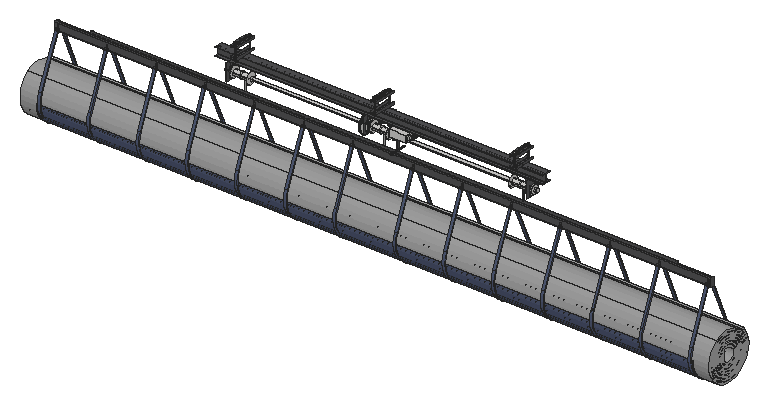
Revit family "Wrestling_Mat_Storage-PSS-4090", category Specialty Equipment, Revit 2017 (continued)
Definition of nested family "Wrestling_Mat_Storage-Hoist-PSS"
  Forms (in)
    Extrusion 22, solid, detail levels medium+fine
      sketch origin (-17.6875, 0, 0) x (0, 1, 0) y (0, 0, -1)
        loop
          arc (-3.1875, -2.5625) -> (-3.00444, -3.00444) -> (-2.5625, -3.1875) r 0.625
          line (-2.5625, -3.1875) -> (2.5625, -3.1875)
        loop
          circle (0, 0) r 1
        loop
          circle (2.5625, -2.5625) r 0.25
        loop
          circle (-2.5625, -2.5625) r 0.25
        loop
          circle (-2.5625, 2.5625) r 0.25
        loop
          circle (2.5625, 2.5625) r 0.25
      from -8.6875 to -8.0625
    Extrusion 23, solid, detail levels medium+fine
      sketch origin (-17.6875, 0, 0) x (0, 1, 0) y (0, 0, -1)
        loop
          arc (2.24472, -1.36083) -> (1.85616, -1.85616) -> (1.36083, -2.24472) r 2.625
          line (1.36083, -2.24472) -> (2.12056, -3.00444)
          arc (2.12056, -3.00444) -> (3.00444, -3.00444) -> (3.00444, -2.12056) r 0.625
          line (3.00444, -2.12056) -> (2.24472, -1.36083)
        loop
          circle (2.5625, -2.5625) r 0.25
        loop
          line (-2.24472, -1.36083) -> (-3.00444, -2.12056)
          arc (-3.00444, -2.12056) -> (-3.00444, -3.00444) -> (-2.12056, -3.00444) r 0.625
          line (-2.12056, -3.00444) -> (-1.36083, -2.24472)
          arc (-1.36083, -2.24472) -> (-1.85616, -1.85616) -> (-2.24472, -1.36083) r 2.625
        loop
          circle (-2.5625, -2.5625) r 0.25
        loop
          line (2.24472, 1.36083) -> (3.00444, 2.12056)
          arc (3.00444, 2.12056) -> (3.00444, 3.00444) -> (2.12056, 3.00444) r 0.625
          line (2.12056, 3.00444) -> (1.36083, 2.24472)
          arc (1.36083, 2.24472) -> (1.85616, 1.85616) -> (2.24472, 1.36083) r 2.625
        loop
          circle (2.5625, 2.5625) r 0.25
        loop
          arc (-2.24472, 1.36083) -> (-1.85616, 1.85616) -> (-1.36083, 2.24472) r 2.625
          line (-1.36083, 2.24472) -> (-2.12056, 3.00444)
          arc (-2.12056, 3.00444) -> (-3.00444, 3.00444) -> (-3.00444, 2.12056) r 0.625
          line (-3.00444, 2.12056) -> (-2.24472, 1.36083)
        loop
          circle (-2.5625, 2.5625) r 0.25
      from -8.875 to -8.6875
    Extrusion 24, solid, detail levels medium+fine
      sketch origin (-17.6875, 0, 0) x (0, 1, 0) y (0, 0, -1)
        loop
          circle (0, 0) r 2.625
        loop
          circle (0, 0) r 1.25
      from -9.8125 to -8.6875
    Extrusion 25, solid, detail levels medium+fine
      sketch origin (-17.6875, 0, 0) x (0, 1, 0) y (0, 0, -1)
        loop
          circle (0, 0) r 1
        loop
          circle (0, 0) r 1.25
      from -10.375 to -8.0625
    Extrusion 26, solid, detail levels fine
      sketch origin (-17.6875, 0, 0) x (0, 1, 0) y (0, 0, -1)
        loop
          line (2.76096, -2.21875) -> (2.36404, -2.21875) -> (2.16557, -2.5625) -> (2.36404, -2.90625) -> (2.76096, -2.90625) -> (2.95943, -2.5625) -> (2.76096, -2.21875)
        loop
          line (-2.76096, -2.21875) -> (-2.95943, -2.5625) -> (-2.76096, -2.90625) -> (-2.36404, -2.90625) -> (-2.16557, -2.5625) -> (-2.36404, -2.21875) -> (-2.76096, -2.21875)
        loop
          line (2.76096, 2.21875) -> (2.95943, 2.5625) -> (2.76096, 2.90625) -> (2.36404, 2.90625) -> (2.16557, 2.5625) -> (2.36404, 2.21875) -> (2.76096, 2.21875)
        loop
          line (-2.76096, 2.21875) -> (-2.36404, 2.21875) -> (-2.16557, 2.5625) -> (-2.36404, 2.90625) -> (-2.76096, 2.90625) -> (-2.95943, 2.5625) -> (-2.76096, 2.21875)
      from -9.3125 to -8.875
    Extrusion 27, solid, detail levels fine
      sketch origin (-1.125, 0, 0) x (0, 1, 0) y (0, 0, 1)
        loop
          line (2.76096, 2.21875) -> (2.95943, 2.5625) -> (2.76096, 2.90625) -> (2.36404, 2.90625) -> (2.16557, 2.5625) -> (2.36404, 2.21875) -> (2.76096, 2.21875)
        loop
          line (-2.76096, 2.21875) -> (-2.36404, 2.21875) -> (-2.16557, 2.5625) -> (-2.36404, 2.90625) -> (-2.76096, 2.90625) -> (-2.95943, 2.5625) -> (-2.76096, 2.21875)
        loop
          line (2.76096, -2.21875) -> (2.36404, -2.21875) -> (2.16557, -2.5625) -> (2.36404, -2.90625) -> (2.76096, -2.90625) -> (2.95943, -2.5625) -> (2.76096, -2.21875)
        loop
          line (-2.76096, -2.21875) -> (-2.95943, -2.5625) -> (-2.76096, -2.90625) -> (-2.36404, -2.90625) -> (-2.16557, -2.5625) -> (-2.36404, -2.21875) -> (-2.76096, -2.21875)
      from -9.3125 to -8.875
    Extrusion 28, solid, detail levels medium+fine
      sketch origin (-0.375, 0, 0) x (0, 1, 0) y (0, 0, 1)
        loop
          arc (6.18466, 0.1875) -> (6.1811, 0.28135) -> (6.17612, 0.37514) r 6.1875
          line (6.17612, 0.37514) -> (5.73397, 0.42902)
          arc (5.73397, 0.42902) -> (5.72622, 0.52237) -> (5.71695, 0.61559) r 5.75
          line (5.71695, 0.61559) -> (6.14205, 0.74858)
          arc (6.14205, 0.74858) -> (6.12998, 0.84172) -> (6.1165, 0.93467) r 6.1875
          line (6.1165, 0.93467) -> (5.67129, 0.94816)
          arc (5.67129, 0.94816) -> (5.65509, 1.04042) -> (5.63739, 1.13241) r 5.75
          line (5.63739, 1.13241) -> (6.04864, 1.30348)
          arc (6.04864, 1.30348) -> (6.02816, 1.39513) -> (6.00629, 1.48647) r 6.1875
          line (6.00629, 1.48647) -> (5.5617, 1.45946)
          arc (5.5617, 1.45946) -> (5.53718, 1.54987) -> (5.5112, 1.63987) r 5.75
          line (5.5112, 1.63987) -> (5.90521, 1.84759)
          arc (5.90521, 1.84759) -> (5.87649, 1.93701) -> (5.84641, 2.02598) r 6.1875
          line (5.84641, 2.02598) -> (5.40611, 1.95869)
          arc (5.40611, 1.95869) -> (5.37348, 2.0465) -> (5.33943, 2.13377) r 5.75
          line (5.33943, 2.13377) -> (5.71295, 2.37642)
          arc (5.71295, 2.37642) -> (5.67622, 2.46286) -> (5.63818, 2.54873) r 6.1875
          line (5.63818, 2.54873) -> (5.20581, 2.44172)
          arc (5.20581, 2.44172) -> (5.16534, 2.52621) -> (5.12351, 2.61002) r 5.75
          line (5.12351, 2.61002) -> (5.47343, 2.8856)
          arc (5.47343, 2.8856) -> (5.429, 2.96835) -> (5.38332, 3.05041) r 6.1875
          line (5.38332, 3.05041) -> (4.96246, 2.90456)
          arc (4.96246, 2.90456) -> (4.91449, 2.98502) -> (4.86521, 3.06468) r 5.75
          line (4.86521, 3.06468) -> (5.18865, 3.37092)
          arc (5.18865, 3.37092) -> (5.13689, 3.44928) -> (5.08394, 3.52685) r 6.1875
          line (5.08394, 3.52685) -> (4.67807, 3.34338)
          arc (4.67807, 3.34338) -> (4.62298, 3.41914) -> (4.56667, 3.494) r 5.75
          line (4.56667, 3.494) -> (4.86095, 3.82835)
          arc (4.86095, 3.82835) -> (4.80229, 3.90169) -> (4.74251, 3.97413) r 6.1875
          line (4.74251, 3.97413) -> (4.35499, 3.75454)
          arc (4.35499, 3.75454) -> (4.29325, 3.82499) -> (4.23037, 3.89442) r 5.75
          line (4.23037, 3.89442) -> (4.49306, 4.25413)
          arc (4.49306, 4.25413) -> (4.42797, 4.32183) -> (4.36186, 4.38854) r 6.1875
          line (4.36186, 4.38854) -> (3.99589, 4.13466)
          arc (3.99589, 4.13466) -> (3.928, 4.1992) -> (3.85908, 4.26263) r 5.75
          line (3.85908, 4.26263) -> (4.088, 4.64472)
          arc (4.088, 4.64472) -> (4.01703, 4.70623) -> (3.94514, 4.76666) r 6.1875
          line (3.94514, 4.76666) -> (3.60374, 4.48057)
          arc (3.60374, 4.48057) -> (3.53027, 4.53869) -> (3.45587, 4.59559) r 5.75
          line (3.45587, 4.59559) -> (3.64914, 4.99689)
          arc (3.64914, 4.99689) -> (3.57287, 5.05171) -> (3.49579, 5.10535) r 6.1875
          line (3.49579, 5.10535) -> (3.18179, 4.78944)
          arc (3.18179, 4.78944) -> (3.10335, 4.84063) -> (3.02408, 4.89055) r 5.75
          line (3.02408, 4.89055) -> (3.18009, 5.30775)
          arc (3.18009, 5.30775) -> (3.09916, 5.3554) -> (3.01752, 5.40183) r 6.1875
          line (3.01752, 5.40183) -> (2.73353, 5.05869)
          arc (2.73353, 5.05869) -> (2.65076, 5.10255) -> (2.56728, 5.14505) r 5.75
          line (2.56728, 5.14505) -> (2.68475, 5.5747)
          arc (2.68475, 5.5747) -> (2.59982, 5.61481) -> (2.5143, 5.65362) r 6.1875
          line (2.5143, 5.65362) -> (2.26266, 5.2861)
          arc (2.26266, 5.2861) -> (2.17624, 5.32226) -> (2.08925, 5.35701) r 5.75
          line (2.08925, 5.35701) -> (2.1672, 5.79555)
          arc (2.1672, 5.79555) -> (2.07898, 5.82778) -> (1.99029, 5.85866) r 6.1875
          line (1.99029, 5.85866) -> (1.77307, 5.4698)
          arc (1.77307, 5.4698) -> (1.68373, 5.49796) -> (1.59394, 5.52466) r 5.75
          line (1.59394, 5.52466) -> (1.63173, 5.96847)
          arc (1.63173, 5.96847) -> (1.54095, 5.99255) -> (1.44981, 6.01525) r 6.1875
          line (1.44981, 6.01525) -> (1.26882, 5.60826)
          arc (1.26882, 5.60826) -> (1.17729, 5.62819) -> (1.08545, 5.64662) r 5.75
          line (1.08545, 5.64662) -> (1.08276, 6.09203)
          arc (1.08276, 6.09203) -> (0.99017, 6.10776) -> (0.89735, 6.12208) r 6.1875
          line (0.89735, 6.12208) -> (0.75408, 5.70034)
          arc (0.75408, 5.70034) -> (0.66112, 5.71187) -> (0.56798, 5.72188) r 5.75
          line (0.56798, 5.72188) -> (0.52484, 6.1652)
          arc (0.52484, 6.1652) -> (0.4312, 6.17246) -> (0.33746, 6.17829) r 6.1875
          line (0.33746, 6.17829) -> (0.2331, 5.74527)
          arc (0.2331, 5.74527) -> (0.13948, 5.74831) -> (0.04582, 5.74982) r 5.75
          line (0.04582, 5.74982) -> (-0.03742, 6.18739)
          arc (-0.03742, 6.18739) -> (-0.13133, 6.18611) -> (-0.22521, 6.1834) r 6.1875
          line (-0.22521, 6.1834) -> (-0.28981, 5.74269)
          arc (-0.28981, 5.74269) -> (-0.38332, 5.73721) -> (-0.47673, 5.7302) r 5.75
          line (-0.47673, 5.7302) -> (-0.59938, 6.1584)
          arc (-0.59938, 6.1584) -> (-0.69278, 6.14859) -> (-0.78603, 6.13737) r 6.1875
          line (-0.78603, 6.13737) -> (-0.81032, 5.69262)
          arc (-0.81032, 5.69262) -> (-0.90294, 5.67866) -> (-0.99533, 5.6632) r 5.75
          line (-0.99533, 5.6632) -> (-1.15637, 6.07848)
          arc (-1.15637, 6.07848) -> (-1.2485, 6.06023) -> (-1.34034, 6.04058) r 6.1875
          line (-1.34034, 6.04058) -> (-1.32412, 5.59546)
          arc (-1.32412, 5.59546) -> (-1.4151, 5.57315) -> (-1.5057, 5.54936) r 5.75
          line (-1.5057, 5.54936) -> (-1.70381, 5.94829)
          arc (-1.70381, 5.94829) -> (-1.79389, 5.92175) -> (-1.88357, 5.89384) r 6.1875
          line (-1.88357, 5.89384) -> (-1.82698, 5.45203)
          arc (-1.82698, 5.45203) -> (-1.91556, 5.42154) -> (-2.00362, 5.38962) r 5.75
          line (-2.00362, 5.38962) -> (-2.23715, 5.76891)
          arc (-2.23715, 5.76891) -> (-2.32445, 5.73429) -> (-2.41122, 5.69835) r 6.1875
          line (-2.41122, 5.69835) -> (-2.31473, 5.26351)
          arc (-2.31473, 5.26351) -> (-2.40017, 5.2251) -> (-2.48497, 5.18531) r 5.75
          line (-2.48497, 5.18531) -> (-2.75199, 5.54182)
          arc (-2.75199, 5.54182) -> (-2.83578, 5.49941) -> (-2.91893, 5.45573) r 6.1875
          line (-2.91893, 5.45573) -> (-2.78333, 5.03146)
          arc (-2.78333, 5.03146) -> (-2.86493, 4.98545) -> (-2.94576, 4.93811) r 5.75
          line (-2.94576, 4.93811) -> (-3.24407, 5.26889)
          arc (-3.24407, 5.26889) -> (-3.32366, 5.21904) -> (-3.4025, 5.168) r 6.1875
          line (-3.4025, 5.168) -> (-3.22892, 4.75779)
          arc (-3.22892, 4.75779) -> (-3.306, 4.70456) -> (-3.3822, 4.65008) r 5.75
          line (-3.3822, 4.65008) -> (-3.70932, 4.95239)
          arc (-3.70932, 4.95239) -> (-3.78406, 4.89552) -> (-3.85793, 4.83752) r 6.1875
          line (-3.85793, 4.83752) -> (-3.6478, 4.44478)
          arc (-3.6478, 4.44478) -> (-3.71972, 4.38477) -> (-3.79066, 4.32359) r 5.75
          line (-3.79066, 4.32359) -> (-4.14389, 4.59493)
          arc (-4.14389, 4.59493) -> (-4.21315, 4.5315) -> (-4.28145, 4.46703) r 6.1875
          line (-4.28145, 4.46703) -> (-4.03651, 4.09501)
          arc (-4.03651, 4.09501) -> (-4.10268, 4.02871) -> (-4.16777, 3.96134) r 5.75
          line (-4.16777, 3.96134) -> (-4.54419, 4.19946)
          arc (-4.54419, 4.19946) -> (-4.60741, 4.13001) -> (-4.66956, 4.0596) r 6.1875
          line (-4.66956, 4.0596) -> (-4.39184, 3.71137)
          arc (-4.39184, 3.71137) -> (-4.45172, 3.63933) -> (-4.51041, 3.56633) r 5.75
          line (-4.51041, 3.56633) -> (-4.90691, 3.76927)
          arc (-4.90691, 3.76927) -> (-4.96355, 3.69436) -> (-5.01906, 3.6186) r 6.1875
          line (-5.01906, 3.6186) -> (-4.71085, 3.29703)
          arc (-4.71085, 3.29703) -> (-4.76393, 3.21985) -> (-4.81575, 3.14182) r 5.75
          line (-4.81575, 3.14182) -> (-5.22905, 3.30791)
          arc (-5.22905, 3.30791) -> (-5.27865, 3.22816) -> (-5.32704, 3.14767) r 6.1875
          line (-5.32704, 3.14767) -> (-4.99089, 2.85543)
          arc (-4.99089, 2.85543) -> (-5.03675, 2.77375) -> (-5.08126, 2.69133) r 5.75
          line (-5.08126, 2.69133) -> (-5.50794, 2.81918)
          arc (-5.50794, 2.81918) -> (-5.55009, 2.73526) -> (-5.59097, 2.6507) r 6.1875
          line (-5.59097, 2.6507) -> (-5.22966, 2.39021)
          arc (-5.22966, 2.39021) -> (-5.26791, 2.3047) -> (-5.30475, 2.21858) r 5.75
          line (-5.30475, 2.21858) -> (-5.74128, 2.30714)
          arc (-5.74128, 2.30714) -> (-5.77563, 2.21973) -> (-5.80866, 2.13182) r 6.1875
          line (-5.80866, 2.13182) -> (-5.42518, 1.90523)
          arc (-5.42518, 1.90523) -> (-5.4555, 1.8166) -> (-5.48437, 1.72748) r 5.75
          line (-5.48437, 1.72748) -> (-5.92713, 1.77602)
          arc (-5.92713, 1.77602) -> (-5.95341, 1.68585) -> (-5.97831, 1.5953) r 6.1875
          line (-5.97831, 1.5953) -> (-5.57583, 1.40449)
          arc (-5.57583, 1.40449) -> (-5.59797, 1.31347) -> (-5.61863, 1.2221) r 5.75
          line (-5.61863, 1.2221) -> (-6.06397, 1.23021)
          arc (-6.06397, 1.23021) -> (-6.08194, 1.13803) -> (-6.09852, 1.04559) r 6.1875
          line (-6.09852, 1.04559) -> (-5.68037, 0.89213)
          arc (-5.68037, 0.89213) -> (-5.69415, 0.79948) -> (-5.70642, 0.70661) r 5.75
          line (-5.70642, 0.70661) -> (-6.15066, 0.67423)
          arc (-6.15066, 0.67423) -> (-6.16018, 0.5808) -> (-6.16829, 0.48723) r 6.1875
          line (-6.16829, 0.48723) -> (-5.73793, 0.37239)
          arc (-5.73793, 0.37239) -> (-5.74323, 0.27887) -> (-5.74701, 0.18527) r 5.75
          line (-5.74701, 0.18527) -> (-6.18647, 0.11267)
          arc (-6.18647, 0.11267) -> (-6.1875, 0) -> (-6.18647, -0.11267) r 6.1875
          line (-6.18647, -0.11267) -> (-5.74701, -0.18527)
          arc (-5.74701, -0.18527) -> (-5.74323, -0.27887) -> (-5.73793, -0.37239) r 5.75
          line (-5.73793, -0.37239) -> (-6.16829, -0.48723)
          arc (-6.16829, -0.48723) -> (-6.16018, -0.5808) -> (-6.15066, -0.67423) r 6.1875
          line (-6.15066, -0.67423) -> (-5.70642, -0.70661)
          arc (-5.70642, -0.70661) -> (-5.69415, -0.79948) -> (-5.68037, -0.89213) r 5.75
          line (-5.68037, -0.89213) -> (-6.09852, -1.04559)
          arc (-6.09852, -1.04559) -> (-6.08194, -1.13803) -> (-6.06397, -1.23021) r 6.1875
          line (-6.06397, -1.23021) -> (-5.61863, -1.2221)
          arc (-5.61863, -1.2221) -> (-5.59797, -1.31347) -> (-5.57583, -1.40449) r 5.75
          line (-5.57583, -1.40449) -> (-5.97831, -1.5953)
          arc (-5.97831, -1.5953) -> (-5.95341, -1.68585) -> (-5.92713, -1.77602) r 6.1875
          line (-5.92713, -1.77602) -> (-5.48437, -1.72748)
          arc (-5.48437, -1.72748) -> (-5.4555, -1.8166) -> (-5.42518, -1.90523) r 5.75
          line (-5.42518, -1.90523) -> (-5.80866, -2.13182)
          arc (-5.80866, -2.13182) -> (-5.77563, -2.21973) -> (-5.74128, -2.30714) r 6.1875
          line (-5.74128, -2.30714) -> (-5.30475, -2.21858)
          arc (-5.30475, -2.21858) -> (-5.26791, -2.3047) -> (-5.22966, -2.39021) r 5.75
          line (-5.22966, -2.39021) -> (-5.59097, -2.6507)
          arc (-5.59097, -2.6507) -> (-5.55009, -2.73526) -> (-5.50794, -2.81918) r 6.1875
          line (-5.50794, -2.81918) -> (-5.08126, -2.69133)
          arc (-5.08126, -2.69133) -> (-5.03675, -2.77375) -> (-4.99089, -2.85543) r 5.75
          line (-4.99089, -2.85543) -> (-5.32704, -3.14767)
          arc (-5.32704, -3.14767) -> (-5.27865, -3.22816) -> (-5.22905, -3.30791) r 6.1875
          line (-5.22905, -3.30791) -> (-4.81575, -3.14182)
          arc (-4.81575, -3.14182) -> (-4.76393, -3.21985) -> (-4.71085, -3.29703) r 5.75
          line (-4.71085, -3.29703) -> (-5.01906, -3.6186)
          arc (-5.01906, -3.6186) -> (-4.96355, -3.69436) -> (-4.90691, -3.76927) r 6.1875
          line (-4.90691, -3.76927) -> (-4.51041, -3.56633)
          arc (-4.51041, -3.56633) -> (-4.45172, -3.63933) -> (-4.39184, -3.71137) r 5.75
          line (-4.39184, -3.71137) -> (-4.66956, -4.0596)
          arc (-4.66956, -4.0596) -> (-4.60741, -4.13001) -> (-4.54419, -4.19946) r 6.1875
          line (-4.54419, -4.19946) -> (-4.16777, -3.96134)
          arc (-4.16777, -3.96134) -> (-4.10268, -4.02871) -> (-4.03651, -4.09501) r 5.75
          line (-4.03651, -4.09501) -> (-4.28145, -4.46703)
          arc (-4.28145, -4.46703) -> (-4.21315, -4.5315) -> (-4.14389, -4.59493) r 6.1875
          line (-4.14389, -4.59493) -> (-3.79066, -4.32359)
          arc (-3.79066, -4.32359) -> (-3.71972, -4.38477) -> (-3.6478, -4.44478) r 5.75
          line (-3.6478, -4.44478) -> (-3.85793, -4.83752)
          arc (-3.85793, -4.83752) -> (-3.78406, -4.89552) -> (-3.70932, -4.95239) r 6.1875
          line (-3.70932, -4.95239) -> (-3.3822, -4.65008)
          arc (-3.3822, -4.65008) -> (-3.306, -4.70456) -> (-3.22892, -4.75779) r 5.75
          line (-3.22892, -4.75779) -> (-3.4025, -5.168)
          arc (-3.4025, -5.168) -> (-3.32366, -5.21904) -> (-3.24407, -5.26889) r 6.1875
          line (-3.24407, -5.26889) -> (-2.94576, -4.93811)
          arc (-2.94576, -4.93811) -> (-2.86493, -4.98545) -> (-2.78333, -5.03146) r 5.75
          line (-2.78333, -5.03146) -> (-2.91893, -5.45573)
          arc (-2.91893, -5.45573) -> (-2.83578, -5.49941) -> (-2.75199, -5.54182) r 6.1875
          line (-2.75199, -5.54182) -> (-2.48497, -5.18531)
          arc (-2.48497, -5.18531) -> (-2.40017, -5.2251) -> (-2.31473, -5.26351) r 5.75
          line (-2.31473, -5.26351) -> (-2.41122, -5.69835)
          arc (-2.41122, -5.69835) -> (-2.32445, -5.73429) -> (-2.23715, -5.76891) r 6.1875
          line (-2.23715, -5.76891) -> (-2.00362, -5.38962)
          arc (-2.00362, -5.38962) -> (-1.91556, -5.42154) -> (-1.82698, -5.45203) r 5.75
          line (-1.82698, -5.45203) -> (-1.88357, -5.89384)
          arc (-1.88357, -5.89384) -> (-1.79389, -5.92175) -> (-1.70381, -5.94829) r 6.1875
          line (-1.70381, -5.94829) -> (-1.5057, -5.54936)
          arc (-1.5057, -5.54936) -> (-1.4151, -5.57315) -> (-1.32412, -5.59546) r 5.75
          line (-1.32412, -5.59546) -> (-1.34034, -6.04058)
          arc (-1.34034, -6.04058) -> (-1.2485, -6.06023) -> (-1.15637, -6.07848) r 6.1875
          line (-1.15637, -6.07848) -> (-0.99533, -5.6632)
          arc (-0.99533, -5.6632) -> (-0.90294, -5.67866) -> (-0.81032, -5.69262) r 5.75
          line (-0.81032, -5.69262) -> (-0.78603, -6.13737)
          arc (-0.78603, -6.13737) -> (-0.69278, -6.14859) -> (-0.59938, -6.1584) r 6.1875
          line (-0.59938, -6.1584) -> (-0.47673, -5.7302)
          arc (-0.47673, -5.7302) -> (-0.38332, -5.73721) -> (-0.28981, -5.74269) r 5.75
          line (-0.28981, -5.74269) -> (-0.22521, -6.1834)
          arc (-0.22521, -6.1834) -> (-0.13133, -6.18611) -> (-0.03742, -6.18739) r 6.1875
          line (-0.03742, -6.18739) -> (0.04582, -5.74982)
          arc (0.04582, -5.74982) -> (0.13948, -5.74831) -> (0.2331, -5.74527) r 5.75
          line (0.2331, -5.74527) -> (0.33746, -6.17829)
          arc (0.33746, -6.17829) -> (0.4312, -6.17246) -> (0.52484, -6.1652) r 6.1875
          line (0.52484, -6.1652) -> (0.56798, -5.72188)
          arc (0.56798, -5.72188) -> (0.66112, -5.71187) -> (0.75408, -5.70034) r 5.75
          line (0.75408, -5.70034) -> (0.89735, -6.12208)
          arc (0.89735, -6.12208) -> (0.99017, -6.10776) -> (1.08276, -6.09203) r 6.1875
          line (1.08276, -6.09203) -> (1.08545, -5.64662)
          arc (1.08545, -5.64662) -> (1.17729, -5.62819) -> (1.26882, -5.60826) r 5.75
          line (1.26882, -5.60826) -> (1.44981, -6.01525)
          arc (1.44981, -6.01525) -> (1.54095, -5.99255) -> (1.63173, -5.96847) r 6.1875
          line (1.63173, -5.96847) -> (1.59394, -5.52466)
          arc (1.59394, -5.52466) -> (1.68373, -5.49796) -> (1.77307, -5.4698) r 5.75
          line (1.77307, -5.4698) -> (1.99029, -5.85866)
          arc (1.99029, -5.85866) -> (2.07898, -5.82778) -> (2.1672, -5.79555) r 6.1875
          line (2.1672, -5.79555) -> (2.08925, -5.35701)
          arc (2.08925, -5.35701) -> (2.17624, -5.32226) -> (2.26266, -5.2861) r 5.75
          line (2.26266, -5.2861) -> (2.5143, -5.65362)
          arc (2.5143, -5.65362) -> (2.59982, -5.61481) -> (2.68475, -5.5747) r 6.1875
          line (2.68475, -5.5747) -> (2.56728, -5.14505)
          arc (2.56728, -5.14505) -> (2.65076, -5.10255) -> (2.73353, -5.05869) r 5.75
          line (2.73353, -5.05869) -> (3.01752, -5.40183)
          arc (3.01752, -5.40183) -> (3.09916, -5.3554) -> (3.18009, -5.30775) r 6.1875
          line (3.18009, -5.30775) -> (3.02408, -4.89055)
          arc (3.02408, -4.89055) -> (3.10335, -4.84063) -> (3.18179, -4.78944) r 5.75
          line (3.18179, -4.78944) -> (3.49579, -5.10535)
          arc (3.49579, -5.10535) -> (3.57287, -5.05171) -> (3.64914, -4.99689) r 6.1875
          line (3.64914, -4.99689) -> (3.45587, -4.59559)
          arc (3.45587, -4.59559) -> (3.53027, -4.53869) -> (3.60374, -4.48057) r 5.75
          line (3.60374, -4.48057) -> (3.94514, -4.76666)
          arc (3.94514, -4.76666) -> (4.01703, -4.70623) -> (4.088, -4.64472) r 6.1875
          line (4.088, -4.64472) -> (3.85908, -4.26263)
          arc (3.85908, -4.26263) -> (3.928, -4.1992) -> (3.99589, -4.13466) r 5.75
          line (3.99589, -4.13466) -> (4.36186, -4.38854)
          arc (4.36186, -4.38854) -> (4.42797, -4.32183) -> (4.49306, -4.25413) r 6.1875
          line (4.49306, -4.25413) -> (4.23037, -3.89442)
          arc (4.23037, -3.89442) -> (4.29325, -3.82499) -> (4.35499, -3.75454) r 5.75
          line (4.35499, -3.75454) -> (4.74251, -3.97413)
          arc (4.74251, -3.97413) -> (4.80229, -3.90169) -> (4.86095, -3.82835) r 6.1875
          line (4.86095, -3.82835) -> (4.56667, -3.494)
          arc (4.56667, -3.494) -> (4.62298, -3.41914) -> (4.67807, -3.34338) r 5.75
          line (4.67807, -3.34338) -> (5.08394, -3.52685)
          arc (5.08394, -3.52685) -> (5.13689, -3.44928) -> (5.18865, -3.37092) r 6.1875
          line (5.18865, -3.37092) -> (4.86521, -3.06468)
          arc (4.86521, -3.06468) -> (4.91449, -2.98502) -> (4.96246, -2.90456) r 5.75
          line (4.96246, -2.90456) -> (5.38332, -3.05041)
          arc (5.38332, -3.05041) -> (5.429, -2.96835) -> (5.47343, -2.8856) r 6.1875
          line (5.47343, -2.8856) -> (5.12351, -2.61002)
          arc (5.12351, -2.61002) -> (5.16534, -2.52621) -> (5.20581, -2.44172) r 5.75
          line (5.20581, -2.44172) -> (5.63818, -2.54873)
          arc (5.63818, -2.54873) -> (5.67622, -2.46286) -> (5.71295, -2.37642) r 6.1875
          line (5.71295, -2.37642) -> (5.33943, -2.13377)
          arc (5.33943, -2.13377) -> (5.37348, -2.0465) -> (5.40611, -1.95869) r 5.75
          line (5.40611, -1.95869) -> (5.84641, -2.02598)
          arc (5.84641, -2.02598) -> (5.87649, -1.93701) -> (5.90521, -1.84759) r 6.1875
          line (5.90521, -1.84759) -> (5.5112, -1.63987)
          arc (5.5112, -1.63987) -> (5.53718, -1.54987) -> (5.5617, -1.45946) r 5.75
          line (5.5617, -1.45946) -> (6.00629, -1.48647)
          arc (6.00629, -1.48647) -> (6.02816, -1.39513) -> (6.04864, -1.30348) r 6.1875
          line (6.04864, -1.30348) -> (5.63739, -1.13241)
          arc (5.63739, -1.13241) -> (5.65509, -1.04042) -> (5.67129, -0.94816) r 5.75
          line (5.67129, -0.94816) -> (6.1165, -0.93467)
          arc (6.1165, -0.93467) -> (6.12998, -0.84172) -> (6.14205, -0.74858) r 6.1875
          line (6.14205, -0.74858) -> (5.71695, -0.61559)
          arc (5.71695, -0.61559) -> (5.72622, -0.52237) -> (5.73397, -0.42902) r 5.75
          line (5.73397, -0.42902) -> (6.17612, -0.37514)
          arc (6.17612, -0.37514) -> (6.1811, -0.28135) -> (6.18466, -0.1875) r 6.1875
          line (6.18466, -0.1875) -> (5.74924, -0.09367)
          arc (5.74924, -0.09367) -> (5.75, 0) -> (5.74924, 0.09367) r 5.75
          line (5.74924, 0.09367) -> (6.18466, 0.1875)
        loop
          circle (0, 0) r 5
      from -11.75 to -10
    Extrusion 29, solid, detail levels medium+fine
      sketch origin (-0.375, 0, 0) x (0, 1, 0) y (0, 0, 1)
        loop
          circle (0, 0) r 2.375
        loop
          arc (0.21651, -2.625) -> (0, -2.5) -> (-0.21651, -2.625) r 0.25
          line (-0.21651, -2.625) -> (-1.21651, -4.35705)
          arc (-1.21651, -4.35705) -> (-1.21651, -4.60705) -> (-1, -4.73205) r 0.25
          arc (-1, -4.73205) -> (0, -4.83851) -> (1, -4.73205) r 4.75
          arc (1, -4.73205) -> (1.21651, -4.60705) -> (1.21651, -4.35705) r 0.25
          line (1.21651, -4.35705) -> (0.21651, -2.625)
        loop
          arc (2.30492, -1.16925) -> (2.08841, -1.29425) -> (2.08841, -1.54425) r 0.25
          line (2.08841, -1.54425) -> (3.08841, -3.2763)
          arc (3.08841, -3.2763) -> (3.30492, -3.4013) -> (3.52143, -3.2763) r 0.25
          arc (3.52143, -3.2763) -> (4.11362, -2.46351) -> (4.52143, -1.54425) r 4.75
          arc (4.52143, -1.54425) -> (4.52143, -1.29425) -> (4.30492, -1.16925) r 0.25
          line (4.30492, -1.16925) -> (2.30492, -1.16925)
        loop
          arc (2.16506, 1.41149) -> (2.16506, 1.16149) -> (2.38157, 1.03649) r 0.25
          line (2.38157, 1.03649) -> (4.38157, 1.03649)
          arc (4.38157, 1.03649) -> (4.59808, 1.16149) -> (4.59808, 1.41149) r 0.25
          arc (4.59808, 1.41149) -> (4.19027, 2.33075) -> (3.59808, 3.14354) r 4.75
          arc (3.59808, 3.14354) -> (3.38157, 3.26854) -> (3.16506, 3.14354) r 0.25
          line (3.16506, 3.14354) -> (2.16506, 1.41149)
        loop
          line (-2.16506, 1.41149) -> (-3.16506, 3.14354)
          arc (-3.16506, 3.14354) -> (-3.38157, 3.26854) -> (-3.59808, 3.14354) r 0.25
          arc (-3.59808, 3.14354) -> (-4.19027, 2.33075) -> (-4.59808, 1.41149) r 4.75
          arc (-4.59808, 1.41149) -> (-4.59808, 1.16149) -> (-4.38157, 1.03649) r 0.25
          line (-4.38157, 1.03649) -> (-2.38157, 1.03649)
          arc (-2.38157, 1.03649) -> (-2.16506, 1.16149) -> (-2.16506, 1.41149) r 0.25
        loop
          line (0.21651, 2.625) -> (1.21651, 4.35705)
          arc (1.21651, 4.35705) -> (1.21651, 4.60705) -> (1, 4.73205) r 0.25
          arc (1, 4.73205) -> (0, 4.83851) -> (-1, 4.73205) r 4.75
          arc (-1, 4.73205) -> (-1.21651, 4.60705) -> (-1.21651, 4.35705) r 0.25
          line (-1.21651, 4.35705) -> (-0.21651, 2.625)
          arc (-0.21651, 2.625) -> (0, 2.5) -> (0.21651, 2.625) r 0.25
        loop
          line (-2.30492, -1.16925) -> (-4.30492, -1.16925)
          arc (-4.30492, -1.16925) -> (-4.52143, -1.29425) -> (-4.52143, -1.54425) r 0.25
          arc (-4.52143, -1.54425) -> (-4.11362, -2.46351) -> (-3.52143, -3.2763) r 4.75
          arc (-3.52143, -3.2763) -> (-3.30492, -3.4013) -> (-3.08841, -3.2763) r 0.25
          line (-3.08841, -3.2763) -> (-2.08841, -1.54425)
          arc (-2.08841, -1.54425) -> (-2.08841, -1.29425) -> (-2.30492, -1.16925) r 0.25
        loop
          circle (0, 0) r 5
      from -11.5 to -10.25
    Extrusion 30, solid, detail levels medium+fine
      sketch origin (0, 0, 0) x (0, 1, 0) y (0, 0, 1)
        loop
          circle (0, 0) r 1
        loop
          circle (0, 0) r 2.375
      from -13.375 to -10.375
    Extrusion 31, solid, detail levels medium+fine
      sketch origin (-0.375, 7.625, 3) x (0, 1, 0) y (0, 0, 1)
        loop
          circle (0, 0) r 0.75
        loop
          arc (-2.20308, -0.88717) -> (-2.18582, -0.92889) -> (-2.16776, -0.97027) r 2.375
          line (-2.16776, -0.97027) -> (-1.78043, -0.91108)
          arc (-1.78043, -0.91108) -> (-1.71503, -1.02893) -> (-1.64183, -1.1421) r 2
          line (-1.64183, -1.1421) -> (-1.89839, -1.42714)
          arc (-1.89839, -1.42714) -> (-1.87092, -1.46297) -> (-1.84278, -1.49827) r 2.375
          line (-1.84278, -1.49827) -> (-1.48396, -1.34084)
          arc (-1.48396, -1.34084) -> (-1.39028, -1.43775) -> (-1.29029, -1.52812) r 2
          line (-1.29029, -1.52812) -> (-1.46433, -1.86985)
          arc (-1.46433, -1.86985) -> (-1.42853, -1.89735) -> (-1.39221, -1.92416) r 2.375
          line (-1.39221, -1.92416) -> (-1.08636, -1.67923)
          arc (-1.08636, -1.67923) -> (-0.97079, -1.74859) -> (-0.85082, -1.81) r 2
          line (-0.85082, -1.81) -> (-0.93048, -2.18514)
          arc (-0.93048, -2.18514) -> (-0.88878, -2.20243) -> (-0.84676, -2.21892) r 2.375
          line (-0.84676, -2.21892) -> (-0.61473, -1.90318)
          arc (-0.61473, -1.90318) -> (-0.48515, -1.94027) -> (-0.35336, -1.96854) r 2
          line (-0.35336, -1.96854) -> (-0.33322, -2.35151)
          arc (-0.33322, -2.35151) -> (-0.28847, -2.35742) -> (-0.24361, -2.36247) r 2.375
          line (-0.24361, -2.36247) -> (-0.1012, -1.99744)
          arc (-0.1012, -1.99744) -> (0.03356, -1.99972) -> (0.16817, -1.99292) r 2
          line (0.16817, -1.99292) -> (0.28675, -2.35763)
          arc (0.28675, -2.35763) -> (0.33151, -2.35175) -> (0.37615, -2.34502) r 2.375
          line (0.37615, -2.34502) -> (0.41922, -1.95557)
          arc (0.41922, -1.95557) -> (0.54998, -1.92289) -> (0.67825, -1.88148) r 2
          line (0.67825, -1.88148) -> (0.88717, -2.20308)
          arc (0.88717, -2.20308) -> (0.92889, -2.18582) -> (0.97027, -2.16776) r 2.375
          line (0.97027, -2.16776) -> (0.91108, -1.78043)
          arc (0.91108, -1.78043) -> (1.02893, -1.71503) -> (1.1421, -1.64183) r 2
          line (1.1421, -1.64183) -> (1.42714, -1.89839)
          arc (1.42714, -1.89839) -> (1.46297, -1.87092) -> (1.49827, -1.84278) r 2.375
          line (1.49827, -1.84278) -> (1.34084, -1.48396)
          arc (1.34084, -1.48396) -> (1.43775, -1.39028) -> (1.52812, -1.29029) r 2
          line (1.52812, -1.29029) -> (1.86985, -1.46433)
          arc (1.86985, -1.46433) -> (1.89735, -1.42853) -> (1.92416, -1.39221) r 2.375
          line (1.92416, -1.39221) -> (1.67923, -1.08636)
          arc (1.67923, -1.08636) -> (1.74859, -0.97079) -> (1.81, -0.85082) r 2
          line (1.81, -0.85082) -> (2.18514, -0.93048)
          arc (2.18514, -0.93048) -> (2.20243, -0.88878) -> (2.21892, -0.84676) r 2.375
          line (2.21892, -0.84676) -> (1.90318, -0.61473)
          arc (1.90318, -0.61473) -> (1.94027, -0.48515) -> (1.96854, -0.35336) r 2
          line (1.96854, -0.35336) -> (2.35151, -0.33322)
          arc (2.35151, -0.33322) -> (2.35742, -0.28847) -> (2.36247, -0.24361) r 2.375
          line (2.36247, -0.24361) -> (1.99744, -0.1012)
          arc (1.99744, -0.1012) -> (1.99972, 0.03356) -> (1.99292, 0.16817) r 2
          line (1.99292, 0.16817) -> (2.35763, 0.28675)
          arc (2.35763, 0.28675) -> (2.35175, 0.33151) -> (2.34502, 0.37615) r 2.375
          line (2.34502, 0.37615) -> (1.95557, 0.41922)
          arc (1.95557, 0.41922) -> (1.92289, 0.54998) -> (1.88148, 0.67825) r 2
          line (1.88148, 0.67825) -> (2.20308, 0.88717)
          arc (2.20308, 0.88717) -> (2.18582, 0.92889) -> (2.16776, 0.97027) r 2.375
          line (2.16776, 0.97027) -> (1.78043, 0.91108)
          arc (1.78043, 0.91108) -> (1.71503, 1.02893) -> (1.64183, 1.1421) r 2
          line (1.64183, 1.1421) -> (1.89839, 1.42714)
          arc (1.89839, 1.42714) -> (1.87092, 1.46297) -> (1.84278, 1.49827) r 2.375
          line (1.84278, 1.49827) -> (1.48396, 1.34084)
          arc (1.48396, 1.34084) -> (1.39028, 1.43775) -> (1.29029, 1.52812) r 2
          line (1.29029, 1.52812) -> (1.46433, 1.86985)
          arc (1.46433, 1.86985) -> (1.42853, 1.89735) -> (1.39221, 1.92416) r 2.375
          line (1.39221, 1.92416) -> (1.08636, 1.67923)
          arc (1.08636, 1.67923) -> (0.97079, 1.74859) -> (0.85082, 1.81) r 2
          line (0.85082, 1.81) -> (0.93048, 2.18514)
          arc (0.93048, 2.18514) -> (0.88878, 2.20243) -> (0.84676, 2.21892) r 2.375
          line (0.84676, 2.21892) -> (0.61473, 1.90318)
          arc (0.61473, 1.90318) -> (0.48515, 1.94027) -> (0.35336, 1.96854) r 2
          line (0.35336, 1.96854) -> (0.33322, 2.35151)
          arc (0.33322, 2.35151) -> (0.28847, 2.35742) -> (0.24361, 2.36247) r 2.375
          line (0.24361, 2.36247) -> (0.1012, 1.99744)
          arc (0.1012, 1.99744) -> (-0.03356, 1.99972) -> (-0.16817, 1.99292) r 2
          line (-0.16817, 1.99292) -> (-0.28675, 2.35763)
          arc (-0.28675, 2.35763) -> (-0.33151, 2.35175) -> (-0.37615, 2.34502) r 2.375
          line (-0.37615, 2.34502) -> (-0.41922, 1.95557)
          arc (-0.41922, 1.95557) -> (-0.54998, 1.92289) -> (-0.67825, 1.88148) r 2
          line (-0.67825, 1.88148) -> (-0.88717, 2.20308)
          arc (-0.88717, 2.20308) -> (-0.92889, 2.18582) -> (-0.97027, 2.16776) r 2.375
          line (-0.97027, 2.16776) -> (-0.91108, 1.78043)
          arc (-0.91108, 1.78043) -> (-1.02893, 1.71503) -> (-1.1421, 1.64183) r 2
          line (-1.1421, 1.64183) -> (-1.42714, 1.89839)
          arc (-1.42714, 1.89839) -> (-1.46297, 1.87092) -> (-1.49827, 1.84278) r 2.375
          line (-1.49827, 1.84278) -> (-1.34084, 1.48396)
          arc (-1.34084, 1.48396) -> (-1.43775, 1.39028) -> (-1.52812, 1.29029) r 2
          line (-1.52812, 1.29029) -> (-1.86985, 1.46433)
          arc (-1.86985, 1.46433) -> (-1.89735, 1.42853) -> (-1.92416, 1.39221) r 2.375
          line (-1.92416, 1.39221) -> (-1.67923, 1.08636)
          arc (-1.67923, 1.08636) -> (-1.74859, 0.97079) -> (-1.81, 0.85082) r 2
          line (-1.81, 0.85082) -> (-2.18514, 0.93048)
          arc (-2.18514, 0.93048) -> (-2.20243, 0.88878) -> (-2.21892, 0.84676) r 2.375
          line (-2.21892, 0.84676) -> (-1.90318, 0.61473)
          arc (-1.90318, 0.61473) -> (-1.94027, 0.48515) -> (-1.96854, 0.35336) r 2
          line (-1.96854, 0.35336) -> (-2.35151, 0.33322)
          arc (-2.35151, 0.33322) -> (-2.35742, 0.28847) -> (-2.36247, 0.24361) r 2.375
          line (-2.36247, 0.24361) -> (-1.99744, 0.1012)
          arc (-1.99744, 0.1012) -> (-1.99972, -0.03356) -> (-1.99292, -0.16817) r 2
          line (-1.99292, -0.16817) -> (-2.35763, -0.28675)
          arc (-2.35763, -0.28675) -> (-2.35175, -0.33151) -> (-2.34502, -0.37615) r 2.375
          line (-2.34502, -0.37615) -> (-1.95557, -0.41922)
          arc (-1.95557, -0.41922) -> (-1.92289, -0.54998) -> (-1.88148, -0.67825) r 2
          line (-1.88148, -0.67825) -> (-2.20308, -0.88717)
      from -11.75 to -10
    Extrusion 32, solid, detail levels medium+fine
      sketch origin (0, 0, 0) x (0, 1, 0) y (0, 0, 1)
        loop
          circle (7.625, 3) r 3.3125
      from 6.0625 to 12.6875
    Extrusion 33, solid, detail levels medium+fine
      sketch origin (0, 0, 0) x (0, 1, 0) y (0, 0, 1)
        loop
          circle (7.625, 3) r 1.75
        loop
          circle (7.625, 3) r 0.75
      from -10.375 to -9.625
    Extrusion 34, solid, detail levels medium+fine
      sketch origin (-8.125, 0, 0) x (0, 1, 0) y (0, 0, 1)
        loop
          circle (7.625, 3) r 1.375
      from -0.5 to -0.25
    Extrusion 35, solid, detail levels medium+fine
      sketch origin (-8.625, 0, 0) x (0, 1, 0) y (0, 0, 1)
        loop
          circle (7.625, 3) r 1.25
      from -0.25 to 0
    Extrusion 36, solid, detail levels medium+fine
      sketch origin (-8.875, 0, 0) x (0, 1, 0) y (0, 0, 1)
        loop
          circle (7.625, 3) r 0.625
        loop
          circle (7.625, 3) r 0.25
      from -2.5 to 0
    Extrusion 37, solid, detail levels medium+fine
      sketch origin (-8.375, -2.53613, -4.92891) x (0, 1, 0) y (0, 0, 1)
        loop
          line (10.50661, 9.74141) -> (10.02275, 9.74141)
          arc (10.02275, 9.74141) -> (9.51023, 9.26709) -> (8.82902, 9.42071) r 0.75
          arc (8.82902, 9.42071) -> (8.55596, 9.12198) -> (8.34863, 8.77439) r 2
          line (8.34863, 8.77439) -> (8.34863, 7.08342)
          arc (8.34863, 7.08342) -> (8.74691, 6.51469) -> (9.31564, 6.11641) r 2
          line (9.31564, 6.11641) -> (11.00661, 6.11641)
          arc (11.00661, 6.11641) -> (11.57534, 6.51469) -> (11.97363, 7.08342) r 2
          line (11.97363, 7.08342) -> (11.97363, 8.77439)
          arc (11.97363, 8.77439) -> (11.74103, 9.15525) -> (11.42976, 9.47505) r 2
          arc (11.42976, 9.47505) -> (10.868, 9.261) -> (10.50661, 9.74141) r 0.5
      from 0 to 1.25
    Extrusion 38, solid, detail levels medium+fine
      sketch origin (-7.5, 0, 0) x (0, 1, 0) y (0, 0, 1)
        loop
          circle (8.47048, 4.8125) r 0.5
        loop
          arc (6.21067, 5.55129) -> (7.29927, 4.5218) -> (6.31357, 5.6502) r 0.75
          line (6.31357, 5.6502) -> (6, 6.82047) -> (6, 6.625) -> (5.92297, 6.625) -> (6.21067, 5.55129)
      from -0.25 to 0.375
    Extrusion 39, solid, detail levels medium+fine
      sketch origin (1.375, 0, 0) x (0, 1, 0) y (0, 0, 1)
        loop
          line (10.375, 6.625) -> (4.875, 6.625) -> (4.875, 1.72855)
          arc (4.875, 1.72855) -> (4.89403, 1.63288) -> (4.94822, 1.55178) r 0.25
          line (4.94822, 1.55178) -> (5.30178, 1.19822)
          arc (5.30178, 1.19822) -> (5.35597, 1.11712) -> (5.375, 1.02145) r 0.25
          line (5.375, 1.02145) -> (5.375, 0.125)
          arc (5.375, 0.125) -> (5.44822, -0.05178) -> (5.625, -0.125) r 0.25
          line (5.625, -0.125) -> (9.625, -0.125)
          arc (9.625, -0.125) -> (9.80178, -0.05178) -> (9.875, 0.125) r 0.25
          line (9.875, 0.125) -> (9.875, 1.02145)
          arc (9.875, 1.02145) -> (9.89403, 1.11712) -> (9.94822, 1.19822) r 0.25
          line (9.94822, 1.19822) -> (10.30178, 1.55178)
          arc (10.30178, 1.55178) -> (10.35597, 1.63288) -> (10.375, 1.72855) r 0.25
          line (10.375, 1.72855) -> (10.375, 6.625)
      from -8.5 to -7
    Extrusion 40, solid, detail levels medium+fine
      sketch origin (2.875, 0, 0) x (0, 1, 0) y (0, 0, 1)
        loop
          line (10.875, 6.625) -> (4.375, 6.625) -> (4.375, 2.22855)
          arc (4.375, 2.22855) -> (4.39403, 2.13288) -> (4.44822, 2.05178) r 0.25
          line (4.44822, 2.05178) -> (5.30178, 1.19822)
          arc (5.30178, 1.19822) -> (5.35597, 1.11712) -> (5.375, 1.02145) r 0.25
          line (5.375, 1.02145) -> (5.375, 0.125)
          arc (5.375, 0.125) -> (5.44822, -0.05178) -> (5.625, -0.125) r 0.25
          line (5.625, -0.125) -> (9.625, -0.125)
          arc (9.625, -0.125) -> (9.80178, -0.05178) -> (9.875, 0.125) r 0.25
          line (9.875, 0.125) -> (9.875, 1.02145)
          arc (9.875, 1.02145) -> (9.89403, 1.11712) -> (9.94822, 1.19822) r 0.25
          line (9.94822, 1.19822) -> (10.80178, 2.05178)
          arc (10.80178, 2.05178) -> (10.85597, 2.13288) -> (10.875, 2.22855) r 0.25
          line (10.875, 2.22855) -> (10.875, 6.625)
      from -8.5 to -7.25
    Extrusion 41, solid, detail levels medium+fine
      sketch origin (-5.96253, -11.33823, 6.625) x (0, -1, 0) y (1, 0, 0)
        loop
          line (-22.21323, -2.22497) -> (-21.96323, -2.47497) -> (-20.83823, -2.47497) -> (-20.58823, -2.22497) -> (-20.58823, -1.16247) -> (-17.33823, -1.16247) -> (-17.33823, -2.22497) -> (-17.08823, -2.47497) -> (-15.96323, -2.47497) -> (-15.71323, -2.22497) -> (-15.71323, 4.90003) -> (-15.96323, 5.15003) -> (-17.08823, 5.15003) -> (-17.33823, 4.90003) -> (-17.33823, 3.02503) -> (-20.58823, 3.02503) -> (-20.58823, 4.90003) -> (-20.83823, 5.15003) -> (-21.96323, 5.15003) -> (-22.21323, 4.90003) -> (-22.21323, -2.22497)
        loop
          circle (-21.40073, -1.91247) r 0.25
        loop
          circle (-21.40073, 4.58753) r 0.25
        loop
          circle (-16.52573, -1.91247) r 0.25
        loop
          circle (-16.52573, 4.58753) r 0.25
      from 0 to 0.625
    Extrusion 42, solid, detail levels medium+fine
      sketch origin (1, 0, 0) x (1, 0, 0) y (0, 0, 1)
        loop
          line (-4.125, 6.625) -> (-4.125, 5.875) -> (-3.375, 6.625) -> (-4.125, 6.625)
      from -10.875 to -10.625
    Extrusion 43, solid, detail levels medium+fine
      sketch origin (1, 20.125, 0) x (1, 0, 0) y (0, 0, -1)
        loop
          line (-4.125, -6.625) -> (-3.375, -6.625) -> (-4.125, -5.875) -> (-4.125, -6.625)
      from -10.875 to -10.625
    Extrusion 44, solid, detail levels medium+fine
      sketch origin (1, 15.25, 0) x (1, 0, 0) y (0, 0, -1)
        loop
          line (-4.125, -6.625) -> (-3.375, -6.625) -> (-4.125, -5.875) -> (-4.125, -6.625)
      from -10.875 to -10.625
    Extrusion 45, solid, detail levels medium+fine
      sketch origin (1, -4.875, 0) x (1, 0, 0) y (0, 0, 1)
        loop
          line (-4.125, 6.625) -> (-4.125, 5.875) -> (-3.375, 6.625) -> (-4.125, 6.625)
      from -10.875 to -10.625
    Extrusion 46, solid, detail levels medium+fine
      sketch origin (4.125, 0, 0) x (0, 1, 0) y (0, 0, 1)
        loop
          line (10.875, 6.625) -> (4.375, 6.625) -> (4.375, 2.22855)
          arc (4.375, 2.22855) -> (4.39403, 2.13288) -> (4.44822, 2.05178) r 0.25
          line (4.44822, 2.05178) -> (6.05178, 0.44822)
          arc (6.05178, 0.44822) -> (6.13288, 0.39403) -> (6.22855, 0.375) r 0.25
          line (6.22855, 0.375) -> (9.02145, 0.375)
          arc (9.02145, 0.375) -> (9.11712, 0.39403) -> (9.19822, 0.44822) r 0.25
          line (9.19822, 0.44822) -> (10.80178, 2.05178)
          arc (10.80178, 2.05178) -> (10.85597, 2.13288) -> (10.875, 2.22855) r 0.25
          line (10.875, 2.22855) -> (10.875, 6.625)
      from -8.5 to -7.25
    Extrusion 47, solid, detail levels medium+fine
      sketch origin (1.125, 0, 0) x (0, 1, 0) y (0, 0, 1)
        loop
          arc (8.625, 5.42706) -> (7.625, 5.625) -> (6.625, 5.42706) r 2.625
          line (6.625, 5.42706) -> (6.625, 4.58607)
          arc (6.625, 4.58607) -> (6.29917, 4.32583) -> (6.03893, 4) r 1.875
          line (6.03893, 4) -> (5.19794, 4)
          arc (5.19794, 4) -> (7.625, 0.375) -> (10.05206, 4) r 2.625
          line (10.05206, 4) -> (9.21107, 4)
          arc (9.21107, 4) -> (8.95083, 4.32583) -> (8.625, 4.58607) r 1.875
          line (8.625, 4.58607) -> (8.625, 5.42706)
        loop
          circle (7.625, 5.125) r 0.125
        loop
          circle (7.625, 0.875) r 0.125
        loop
          circle (5.5, 3) r 0.125
        loop
          circle (9.75, 3) r 0.125
      from -4.25 to -3.75
    Extrusion 48, solid, detail levels medium+fine
      sketch origin (4.125, 0, 0) x (0, 1, 0) y (0, 0, 1)
        loop
          circle (7.625, 3) r 2.625
      from -4.8125 to 1.9375
    Extrusion 49, solid, detail levels medium+fine
      sketch origin (3.375, 0, 0) x (0, 1, 0) y (0, 0, 1)
        loop
          circle (7.625, 3) r 1.625
      from -6 to -4.8125
    Blend 50, solid, detail levels medium+fine
      base sketch origin (0, 0, 0) x (0, 1, 0) y (0, 0, 1)
        loop
          circle (7.625, 3) r 2.625
      top sketch origin (0, 0, 0) x (0, 1, 0) y (0, 0, 1)
        loop
          circle (7.625, 3) r 1.625
      from -0.6875 to -1.4375
    Extrusion 51, solid, detail levels medium+fine
      sketch origin (2, 0, 20.5625) x (1, 0, 0) y (0, 1, 0)
        loop
          line (-0.6875, 9.3125) -> (-0.6875, 5.9375) -> (2.6875, 5.9375) -> (2.6875, 9.3125) -> (-0.6875, 9.3125)
      from -20.87486 to -18.87486
    Extrusion 52, solid, detail levels medium+fine
      sketch origin (2, 0, 19.6875) x (1, 0, 0) y (0, 1, 0)
        loop
          line (0, 9.125) -> (-0.5, 8.625) -> (-0.5, 6.625) -> (0, 6.125) -> (2, 6.125) -> (2.5, 6.625) -> (2.5, 8.625) -> (2, 9.125) -> (0, 9.125)
      from -20.87486 to -19.99986
    Extrusion 53, solid, detail levels fine
      sketch origin (-0.75, 0, 0) x (0, 1, 0) y (0, 0, 1)
        loop
          line (7.6875, 5.62426) -> (7.6875, 6.31191)
          arc (7.6875, 6.31191) -> (7.625, 6.3125) -> (7.5625, 6.31191) r 3.3125
          line (7.5625, 6.31191) -> (7.5625, 5.62426)
          arc (7.5625, 5.62426) -> (7.625, 5.625) -> (7.6875, 5.62426) r 2.625
        loop
          arc (6.82818, 6.21524) -> (6.76766, 6.19963) -> (6.70744, 6.18288) r 3.3125
          line (6.70744, 6.18288) -> (6.88542, 5.51866)
          arc (6.88542, 5.51866) -> (6.9456, 5.53556) -> (7.00616, 5.55101) r 2.625
          line (7.00616, 5.55101) -> (6.82818, 6.21524)
        loop
          arc (8.24384, 5.55101) -> (8.3044, 5.53556) -> (8.36458, 5.51866) r 2.625
          line (8.36458, 5.51866) -> (8.54256, 6.18288)
          arc (8.54256, 6.18288) -> (8.48234, 6.19963) -> (8.42182, 6.21524) r 3.3125
          line (8.42182, 6.21524) -> (8.24384, 5.55101)
        loop
          arc (8.883, 5.30392) -> (8.9375, 5.27332) -> (8.99125, 5.24142) r 2.625
          line (8.99125, 5.24142) -> (9.33508, 5.83695)
          arc (9.33508, 5.83695) -> (9.28125, 5.86871) -> (9.22683, 5.89945) r 3.3125
          line (9.22683, 5.89945) -> (8.883, 5.30392)
        loop
          arc (6.02317, 5.89945) -> (5.96875, 5.86871) -> (5.91492, 5.83695) r 3.3125
          line (5.91492, 5.83695) -> (6.25875, 5.24142)
          arc (6.25875, 5.24142) -> (6.3125, 5.27332) -> (6.367, 5.30392) r 2.625
          line (6.367, 5.30392) -> (6.02317, 5.89945)
        loop
          arc (5.32732, 5.38607) -> (5.28271, 5.34229) -> (5.23893, 5.29768) r 3.3125
          line (5.23893, 5.29768) -> (5.72518, 4.81143)
          arc (5.72518, 4.81143) -> (5.76884, 4.85616) -> (5.81357, 4.89982) r 2.625
          line (5.81357, 4.89982) -> (5.32732, 5.38607)
        loop
          arc (4.78805, 4.71008) -> (4.75629, 4.65625) -> (4.72555, 4.60183) r 3.3125
          line (4.72555, 4.60183) -> (5.32108, 4.258)
          arc (5.32108, 4.258) -> (5.35168, 4.3125) -> (5.38358, 4.36625) r 2.625
          line (5.38358, 4.36625) -> (4.78805, 4.71008)
        loop
          arc (4.44212, 3.91756) -> (4.42537, 3.85734) -> (4.40976, 3.79682) r 3.3125
          line (4.40976, 3.79682) -> (5.07399, 3.61884)
          arc (5.07399, 3.61884) -> (5.08944, 3.6794) -> (5.10634, 3.73958) r 2.625
          line (5.10634, 3.73958) -> (4.44212, 3.91756)
        loop
          arc (4.31309, 3.0625) -> (4.3125, 3) -> (4.31309, 2.9375) r 3.3125
          line (4.31309, 2.9375) -> (5.00074, 2.9375)
          arc (5.00074, 2.9375) -> (5, 3) -> (5.00074, 3.0625) r 2.625
          line (5.00074, 3.0625) -> (4.31309, 3.0625)
        loop
          arc (4.40976, 2.20318) -> (4.42537, 2.14266) -> (4.44212, 2.08244) r 3.3125
          line (4.44212, 2.08244) -> (5.10634, 2.26042)
          arc (5.10634, 2.26042) -> (5.08944, 2.3206) -> (5.07399, 2.38116) r 2.625
          line (5.07399, 2.38116) -> (4.40976, 2.20318)
        loop
          arc (4.72555, 1.39817) -> (4.75629, 1.34375) -> (4.78805, 1.28992) r 3.3125
          line (4.78805, 1.28992) -> (5.38358, 1.63375)
          arc (5.38358, 1.63375) -> (5.35168, 1.6875) -> (5.32108, 1.742) r 2.625
          line (5.32108, 1.742) -> (4.72555, 1.39817)
        loop
          arc (5.23893, 0.70232) -> (5.28271, 0.65771) -> (5.32732, 0.61393) r 3.3125
          line (5.32732, 0.61393) -> (5.81357, 1.10018)
          arc (5.81357, 1.10018) -> (5.76884, 1.14384) -> (5.72518, 1.18857) r 2.625
          line (5.72518, 1.18857) -> (5.23893, 0.70232)
        loop
          arc (5.91492, 0.16305) -> (5.96875, 0.13129) -> (6.02317, 0.10055) r 3.3125
          line (6.02317, 0.10055) -> (6.367, 0.69608)
          arc (6.367, 0.69608) -> (6.3125, 0.72668) -> (6.25875, 0.75858) r 2.625
          line (6.25875, 0.75858) -> (5.91492, 0.16305)
        loop
          arc (6.70744, -0.18288) -> (6.76766, -0.19963) -> (6.82818, -0.21524) r 3.3125
          line (6.82818, -0.21524) -> (7.00616, 0.44899)
          arc (7.00616, 0.44899) -> (6.9456, 0.46444) -> (6.88542, 0.48134) r 2.625
          line (6.88542, 0.48134) -> (6.70744, -0.18288)
        loop
          arc (7.5625, -0.31191) -> (7.625, -0.3125) -> (7.6875, -0.31191) r 3.3125
          line (7.6875, -0.31191) -> (7.6875, 0.37574)
          arc (7.6875, 0.37574) -> (7.625, 0.375) -> (7.5625, 0.37574) r 2.625
          line (7.5625, 0.37574) -> (7.5625, -0.31191)
        loop
          arc (8.42182, -0.21524) -> (8.48234, -0.19963) -> (8.54256, -0.18288) r 3.3125
          line (8.54256, -0.18288) -> (8.36458, 0.48134)
          arc (8.36458, 0.48134) -> (8.3044, 0.46444) -> (8.24384, 0.44899) r 2.625
          line (8.24384, 0.44899) -> (8.42182, -0.21524)
        loop
          arc (9.22683, 0.10055) -> (9.28125, 0.13129) -> (9.33508, 0.16305) r 3.3125
          line (9.33508, 0.16305) -> (8.99125, 0.75858)
          arc (8.99125, 0.75858) -> (8.9375, 0.72668) -> (8.883, 0.69608) r 2.625
          line (8.883, 0.69608) -> (9.22683, 0.10055)
        loop
          arc (9.92268, 0.61393) -> (9.96729, 0.65771) -> (10.01107, 0.70232) r 3.3125
          line (10.01107, 0.70232) -> (9.52482, 1.18857)
          arc (9.52482, 1.18857) -> (9.48116, 1.14384) -> (9.43643, 1.10018) r 2.625
          line (9.43643, 1.10018) -> (9.92268, 0.61393)
        loop
          arc (10.46195, 1.28992) -> (10.49371, 1.34375) -> (10.52445, 1.39817) r 3.3125
          line (10.52445, 1.39817) -> (9.92892, 1.742)
          arc (9.92892, 1.742) -> (9.89832, 1.6875) -> (9.86642, 1.63375) r 2.625
          line (9.86642, 1.63375) -> (10.46195, 1.28992)
        loop
          arc (10.80788, 2.08244) -> (10.82463, 2.14266) -> (10.84024, 2.20318) r 3.3125
          line (10.84024, 2.20318) -> (10.17601, 2.38116)
          arc (10.17601, 2.38116) -> (10.16056, 2.3206) -> (10.14366, 2.26042) r 2.625
          line (10.14366, 2.26042) -> (10.80788, 2.08244)
        loop
          arc (10.93691, 2.9375) -> (10.9375, 3) -> (10.93691, 3.0625) r 3.3125
          line (10.93691, 3.0625) -> (10.24926, 3.0625)
          arc (10.24926, 3.0625) -> (10.25, 3) -> (10.24926, 2.9375) r 2.625
          line (10.24926, 2.9375) -> (10.93691, 2.9375)
        loop
          arc (10.84024, 3.79682) -> (10.82463, 3.85734) -> (10.80788, 3.91756) r 3.3125
          line (10.80788, 3.91756) -> (10.14366, 3.73958)
          arc (10.14366, 3.73958) -> (10.16056, 3.6794) -> (10.17601, 3.61884) r 2.625
          line (10.17601, 3.61884) -> (10.84024, 3.79682)
        loop
          arc (10.52445, 4.60183) -> (10.49371, 4.65625) -> (10.46195, 4.71008) r 3.3125
          line (10.46195, 4.71008) -> (9.86642, 4.36625)
          arc (9.86642, 4.36625) -> (9.89832, 4.3125) -> (9.92892, 4.258) r 2.625
          line (9.92892, 4.258) -> (10.52445, 4.60183)
        loop
          arc (10.01107, 5.29768) -> (9.96729, 5.34229) -> (9.92268, 5.38607) r 3.3125
          line (9.92268, 5.38607) -> (9.43643, 4.89982)
          arc (9.43643, 4.89982) -> (9.48116, 4.85616) -> (9.52482, 4.81143) r 2.625
          line (9.52482, 4.81143) -> (10.01107, 5.29768)
      from 1.3125 to 6.8125
    Extrusion 54, solid, detail levels medium+fine
      sketch origin (-10.27675, -2.69645, 2.25) x (1, 0, 0) y (0, 1, 0)
        loop
          arc (20.96425, 6.00895) -> (20.87586, 5.97234) -> (20.83925, 5.88395) r 0.125
          line (20.83925, 5.88395) -> (20.83925, -3.86605)
          arc (20.83925, -3.86605) -> (20.87586, -3.95443) -> (20.96425, -3.99105) r 0.125
          line (20.96425, -3.99105) -> (33.21425, -3.99105)
          arc (33.21425, -3.99105) -> (33.30263, -3.95443) -> (33.33925, -3.86605) r 0.125
          line (33.33925, -3.86605) -> (33.33925, 5.88395)
          arc (33.33925, 5.88395) -> (33.30263, 5.97234) -> (33.21425, 6.00895) r 0.125
          line (33.21425, 6.00895) -> (20.96425, 6.00895)
      from 0 to 5
    Extrusion 55, solid, detail levels medium+fine
      sketch origin (23.0625, 31.64778, -3.17969) x (0, 1, 0) y (0, 0, 1)
        loop
          arc (-33.08528, 9.92969) -> (-33.26205, 9.85646) -> (-33.33528, 9.67969) r 0.25
          line (-33.33528, 9.67969) -> (-33.33528, 6.17969)
          arc (-33.33528, 6.17969) -> (-33.26205, 6.00291) -> (-33.08528, 5.92969) r 0.25
          line (-33.08528, 5.92969) -> (-29.58528, 5.92969)
          arc (-29.58528, 5.92969) -> (-29.4085, 6.00291) -> (-29.33528, 6.17969) r 0.25
          line (-29.33528, 6.17969) -> (-29.33528, 9.67969)
          arc (-29.33528, 9.67969) -> (-29.4085, 9.85646) -> (-29.58528, 9.92969) r 0.25
          line (-29.58528, 9.92969) -> (-33.08528, 9.92969)
        loop
          line (-32.96028, 9.55469) -> (-32.96028, 6.30469) -> (-29.71028, 6.30469) -> (-29.71028, 9.55469) -> (-32.96028, 9.55469)
        loop
          circle (-29.58528, 9.67969) r 0.0625
        loop
          line (-32.83528, 9.42969) -> (-32.83528, 6.42969) -> (-29.83528, 6.42969) -> (-29.83528, 9.42969) -> (-32.83528, 9.42969)
        loop
          line (-30.02278, 9.24219) -> (-32.64778, 9.24219) -> (-32.64778, 6.61719) -> (-30.02278, 6.61719) -> (-30.02278, 9.24219)
        loop
          line (-32.52278, 9.11719) -> (-32.52278, 6.74219) -> (-30.14778, 6.74219) -> (-30.14778, 9.11719) -> (-32.52278, 9.11719)
        loop
          line (-32.33528, 8.92969) -> (-32.33528, 6.92969) -> (-30.33528, 6.92969) -> (-30.33528, 8.92969) -> (-32.33528, 8.92969)
        loop
          line (-32.21028, 8.80469) -> (-32.21028, 7.05469) -> (-30.46028, 7.05469) -> (-30.46028, 8.80469) -> (-32.21028, 8.80469)
        loop
          line (-32.02278, 8.61719) -> (-32.02278, 7.24219) -> (-30.64778, 7.24219) -> (-30.64778, 8.61719) -> (-32.02278, 8.61719)
        loop
          line (-31.89778, 8.49219) -> (-31.89778, 7.36719) -> (-30.77278, 7.36719) -> (-30.77278, 8.49219) -> (-31.89778, 8.49219)
        loop
          line (-31.71028, 8.30469) -> (-31.71028, 7.55469) -> (-30.96028, 7.55469) -> (-30.96028, 8.30469) -> (-31.71028, 8.30469)
        loop
          line (-31.08528, 8.17969) -> (-31.58528, 8.17969) -> (-31.58528, 7.67969) -> (-31.08528, 7.67969) -> (-31.08528, 8.17969)
        loop
          circle (-29.58528, 6.17969) r 0.0625
        loop
          circle (-33.08528, 9.67969) r 0.0625
        loop
          circle (-33.08528, 6.17969) r 0.0625
      from 0 to 1.25
    Extrusion 56, solid, detail levels medium+fine
      sketch origin (23.0625, 5, 0) x (0, 1, 0) y (0, 0, 1)
        loop
          circle (-9.63644, 4.84421) r 1.25
        loop
          circle (-9.63644, 4.84421) r 0.625
      from 0 to 0.75
    Extrusion 57, solid, detail levels medium+fine
      sketch origin (23.0625, 5, 0) x (0, 1, 0) y (0, 0, 1)
        loop
          arc (-9.2615, 6.35091) -> (-9.63644, 6.71921) -> (-10.01138, 6.35091) r 0.375
          arc (-10.01138, 6.35091) -> (-10.08055, 6.10596) -> (-10.26134, 5.9268) r 0.5
          arc (-10.26134, 5.9268) -> (-9.63644, 6.09421) -> (-9.01154, 5.9268) r 1.25
          arc (-9.01154, 5.9268) -> (-9.19234, 6.10596) -> (-9.2615, 6.35091) r 0.5
        loop
          arc (-8.51908, 3.76615) -> (-8.01265, 3.90671) -> (-8.14414, 4.41557) r 0.375
          arc (-8.14414, 4.41557) -> (-8.32168, 4.59795) -> (-8.38644, 4.8441) r 0.5
          arc (-8.38644, 4.8441) -> (-8.55391, 4.21921) -> (-9.01134, 3.76174) r 1.25
          arc (-9.01134, 3.76174) -> (-8.76579, 3.82873) -> (-8.51908, 3.76615) r 0.5
        loop
          arc (-11.12875, 4.41557) -> (-11.26024, 3.90671) -> (-10.75381, 3.76615) r 0.375
          arc (-10.75381, 3.76615) -> (-10.5071, 3.82873) -> (-10.26154, 3.76174) r 0.5
          arc (-10.26154, 3.76174) -> (-10.71898, 4.21921) -> (-10.88644, 4.8441) r 1.25
          arc (-10.88644, 4.8441) -> (-10.95121, 4.59795) -> (-11.12875, 4.41557) r 0.5
